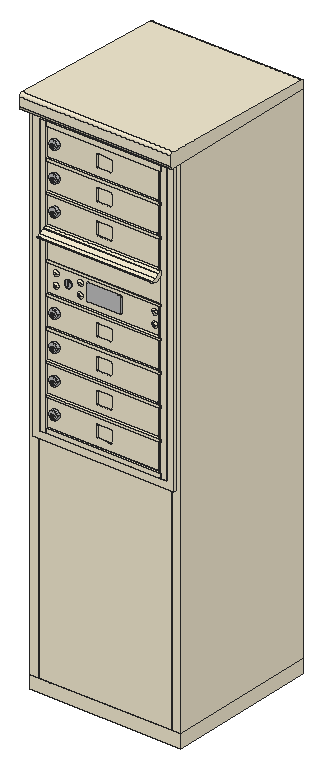
Revit family "Mailboxes_4C-Salsbury_Industries-Free_Standing-9_Door_High_Units", category Specialty Equipment, Revit 2016 (continued)
Definition of nested family "Mailboxes_4C-Salsbury_Industries-Front_Load-9_Door_High_Units"
  Nested families (in)
    nested 18: "3700 Series 4C Door Configurations" at (7.37891, -0.20495, 28) x (-1, 0, 0) z (0, 0, 1), type <- "Door Slot L9", Door Number <- "Door Slot L9 Number", type "Empty"
      with Door Number "0"
  Definition of nested family "3700 Series 4C Door Configurations"
    Parameters (values of type "MB3 Door")
      Weight = "15 lbs."
      Visible Door Number = yes
      URL = ""
      Model = "3700MB3"
      Manufacturer = "Salsbury Industries"
      Lock Material = none
      Inset Offset = 0.000"
      Front Panel Material = none
      Door Width = 13.375"
      Door Visibility-MB1 = yes
      Door Number [instance] = "101"
      Door Lock = yes
      Door Height = 10.23047"
      Door Divider = no
      Door Depth = 0.25391"
      Description = "MB3 Door for 3700 Series 4C Mailboxes"
      Cost = 0
      Center Lock-Vertical = 0.875"
      Center Lock-Horizontal = 1.61523"
    Types (11): name | Weight | Visible Door Number | Model | Inset Offset | Door Visibility-MB1 | Door Lock | Door Height | Door Divider | Description
      MB1 Door w/ Divider | "5 lbs." | yes | "3700MB1" | 0.000" | yes | yes | 3.23047" | yes | "MB1 Door for 3700 Series 4C Mailboxes"
      MB1 Door | "5 lbs." | yes | "3700MB1" | 0.000" | yes | yes | 3.23047" | no | "MB1 Door for 3700 Series 4C Mailboxes"
      MB2 Door | "10 lbs." | yes | "3700MB2" | 0.000" | yes | yes | 6.73047" | no | "MB2 Door for 3700 Series 4C Mailboxes"
      MB2 Door w/ Divider | "10 lbs." | yes | "3700MB2" | 0.000" | yes | yes | 6.73047" | yes | "MB2 Door for 3700 Series 4C Mailboxes"
      MB3 Door | "15 lbs." | yes | "3700MB3" | 0.000" | yes | yes | 10.23047" | no | "MB3 Door for 3700 Series 4C Mailboxes"
      MB3 Door w/ Divider | "15 lbs." | yes | "3700MB3" | 0.000" | yes | yes | 10.23047" | yes | "MB3 Door for 3700 Series 4C Mailboxes"
      MB4 Door | "20 lbs." | yes | "3700MB4" | 0.000" | yes | yes | 13.73047" | no | "MB4 Door for 3700 Series 4C Mailboxes"
      MB4 Door w/ Divider | "20 lbs." | yes | "3700MB4" | 0.000" | yes | yes | 13.73047" | yes | "MB4 Door for 3700 Series 4C Mailboxes"
      Blank Door | "5 lbs." | no | "3700MB1" | 0.18359" | yes | no | 3.23047" | no | "MB1 Door for 3700 Series 4C Mailboxes"
      Blank Door w/ Divider | "5 lbs." | no | "3700MB1" | 0.18402" | yes | no | 3.23047" | yes | "MB1 Door for 3700 Series 4C Mailboxes"
      Empty | "5 lbs." | no | "Empty MB1" | 0.18359" | no | no | 3.23047" | no | "Empty MB1 Door for 3700 Series 4C Mailboxes"
    Reference planes (in)
      plane 1 "Center (Front/Back)": y = 0
      plane 2 "Bottom of Door": z = 0
      plane 3 "Center (Left/Right)": x = 0
      plane 4 "Left Side Face of Door": x = -6.6875
      plane 5 "Right Side Face of Door": x = 6.6875
      plane 6 "Back Face of Door": y = 0.12695
      plane 7 "Front Face of Door": y = -0.12695
      plane 8: z = 10.23047
      plane 9: z = 5.11523
      plane 10 "Face of Divider": y = -0.46995
      plane 11 "Center Lock Vertical": x = -5.8125
      plane 12 "Center Lock Horizontal": z = 1.61523
      plane 13 "Face of Lock": y = -0.42383
      plane 14 "Divider Height Align": z = 10.50047
      plane 15 "Inset Center": x = -0.0975
      plane 16 "Inset Offset": y = -0.12695
      plane 17: z = 5.49038
      plane 18: z = 4.74072
    Forms (in)
      Extrusion 1, solid, material <- "Front Panel Material", visible <- "Door Visibility-MB1"
        sketch origin (0, 0, 0) x (1, 0, 0) y (0, 1, 0)
          loop
            line (-6.4355, 0.12695) -> (-6.6875, -0.05445) -> (-6.6875, -0.12695) -> (6.05625, -0.12695)
            arc (6.05625, -0.12695) -> (6.19558, -0.17661) -> (6.27209, -0.3032) r 0.22029
            arc (6.27209, -0.3032) -> (6.3553, -0.42132) -> (6.4925, -0.46664) r 0.23034
            arc (6.4925, -0.46664) -> (6.63039, -0.40952) -> (6.6875, -0.27164) r 0.195
            line (6.6875, -0.27164) -> (6.6875, 0.12695) -> (-6.4355, 0.12695)
        from 0 to 10.23047
      Blend 2, solid, material <- "Lock Material", visible <- "Door Lock"
        base sketch origin (0, -0.12695, 0) x (-1, 0, 0) y (0, 0, 1)
          loop
            circle (5.8125, 5.11523) r 0.525
        top sketch origin (0, -0.12695, 0) x (-1, 0, 0) y (0, 0, 1)
          loop
            circle (5.8125, 5.11523) r 0.485
        from 0 to -0.29688
      Extrusion 3, solid, material <- "Front Panel Material", visible <- "Door Divider"
        sketch origin (0, 0, 10.50047) x (-1, 0, 0) y (0, -1, 0)
          loop
            line (6.6875, -0.12695) -> (6.6875, 0.46995) -> (-6.6875, 0.46995) -> (-6.6875, -0.12695) -> (6.6875, -0.12695)
        from -0.27 to 0
      Extrusion 4, void, detail levels fine
        sketch origin (0, -0.42383, 0) x (1, 0, 0) y (0, 0, 1)
          loop
            circle (-5.8125, 4.99523) r 0.285
        from 0 to -0.01562
      Extrusion 5, void, detail levels fine
        sketch origin (0, -0.42383, 0) x (1, 0, 0) y (0, 0, 1)
          loop
            line (-5.84183, 5.12353) -> (-5.84183, 4.82353) -> (-5.78183, 4.82353) -> (-5.78183, 5.12353) -> (-5.84183, 5.12353)
        from 0 to -0.03906
      Extrusion 6, void, detail levels fine
        sketch origin (0, -0.12695, 0) x (0, 0, 1) y (-1, 0, 0)
          loop
            arc (5.86523, 0.8475) -> (5.82862, 0.93589) -> (5.74023, 0.9725) r 0.125
            line (5.74023, 0.9725) -> (4.49023, 0.9725)
            arc (4.49023, 0.9725) -> (4.40185, 0.93589) -> (4.36523, 0.8475) r 0.125
            line (4.36523, 0.8475) -> (4.36523, -0.6525)
            arc (4.36523, -0.6525) -> (4.40185, -0.74089) -> (4.49023, -0.7775) r 0.125
            line (4.49023, -0.7775) -> (5.74023, -0.7775)
            arc (5.74023, -0.7775) -> (5.82862, -0.74089) -> (5.86523, -0.6525) r 0.125
            line (5.86523, -0.6525) -> (5.86523, 0.8475)
        from 0 to -0.03906
    Cuts and joins
      Extrusion 4, Extrusion 5 cuts Blend 2
      Extrusion 6 cuts Extrusion 1
    Lines and regions (in)
      symbolic lines
        curve 1: circle (-5.8125, 0, 5.11523) r 0.53054 normal (0, -1, 0)
    Dimensions and locks (in)
      equal spacing: plane 6 "Back Face of Door", plane 1 "Center (Front/Back)", plane 7 "Front Face of Door"
      "Door Depth": plane 6 "Back Face of Door" to plane 7 "Front Face of Door"
      equal spacing: plane 4 "Left Side Face of Door", plane 3 "Center (Left/Right)", plane 5 "Right Side Face of Door"  (x2)
      "Door Width": plane 4 "Left Side Face of Door" to plane 5 "Right Side Face of Door"
      locked: plane 7 "Front Face of Door" to plane 10 "Face of Divider" at 0.343
      "Center Lock-Vertical": plane 4 "Left Side Face of Door" to plane 11 "Center Lock Vertical"
      "Inset Offset": plane 16 "Inset Offset" to plane 7 "Front Face of Door"
      plane 4 "Left Side Face of Door" to plane 5 "Right Side Face of Door" = 13.375"
      plane 6 "Back Face of Door" to plane 10 "Face of Divider" = 0.59691"
      "Door Height": plane 8 to plane 2 "Bottom of Door"
      equal spacing: plane 8, plane 9, plane 2 "Bottom of Door"
      locked: plane 14 "Divider Height Align" to plane 8 at 0.27
      plane 17 to plane 9 to plane 18 = 0.37515" locked, 0.37452" locked
      aligned and locked: level to plane 2 "Bottom of Door"
      aligned and locked: plane 4 "Left Side Face of Door" to Extrusion 1
      aligned and locked: plane 6 "Back Face of Door" to Extrusion 1
      aligned and locked: plane 7 "Front Face of Door" to Extrusion 1
      aligned and locked: plane 8 to Extrusion 1
      aligned and locked: Extrusion 3 sketch curve to plane 4 "Left Side Face of Door"
      aligned and locked: Extrusion 3 sketch curve to plane 6 "Back Face of Door"
      aligned and locked: plane 5 "Right Side Face of Door" to Extrusion 3 sketch curve
      aligned and locked: Extrusion 3 to plane 8
      aligned and locked: plane 10 "Face of Divider" to Extrusion 3 sketch curve
      aligned and locked: plane 14 "Divider Height Align" to Extrusion 3
      aligned and locked: cut or joined group of Extrusion 1, Extrusion 6 to plane 2 "Bottom of Door"
      aligned and locked: plane 18 to text3d elem
    Automatic sketch dimensions
      Extrusion 1 sketch curve to plane 4 "Left Side Face of Door" = 0.000"
      Extrusion 1 sketch curve to plane 6 "Back Face of Door" = 0.000"
      Extrusion 1 sketch curve to plane 7 "Front Face of Door" = 0.000"
      Extrusion 1 sketch curve to plane 5 "Right Side Face of Door" = 0.000"
      Extrusion 1 sketch curve to plane 4 "Left Side Face of Door" = 0.252"
      plane 5 "Right Side Face of Door" to Extrusion 1 sketch curve = 0.63125"
      Extrusion 1 sketch curve to plane 7 "Front Face of Door" = 0.10935"
      plane 5 "Right Side Face of Door" to Extrusion 1 sketch curve = 0.195"
      Extrusion 1 sketch curve to plane 7 "Front Face of Door" = 0.14468"
      plane 10 "Face of Divider" to Extrusion 1 sketch curve = 0.12271"
      plane 1 "Center (Front/Back)" to Extrusion 1 sketch curve = 0.05445"
      plane 10 "Face of Divider" to Extrusion 1 sketch curve = 0.16676"
      Blend 2 sketch curve to plane 9 = 0.000"  (x2)
      plane 11 "Center Lock Vertical" to Blend 2 sketch curve = 0.000"  (x2)
      plane 11 "Center Lock Vertical" to Extrusion 4 sketch curve = 0.000"
      Extrusion 4 sketch curve to plane 9 = 0.120"
      Extrusion 4 sketch curve to Extrusion 4 sketch curve = 0.285"
      plane 11 "Center Lock Vertical" to Extrusion 5 sketch curve = 0.02933"
      Extrusion 5 sketch curve to plane 11 "Center Lock Vertical" = 0.03067"
      Extrusion 5 sketch curve to plane 9 = 0.2917"
      plane 9 to Extrusion 5 sketch curve = 0.0083"
      Extrusion 6 sketch curve to plane 9 = 0.750"
      Extrusion 6 sketch curve to Extrusion 6 sketch curve = 0.125"  (x3)
      plane 9 to Extrusion 6 sketch curve = 0.625"  (x2)
      plane 3 "Center (Left/Right)" to Extrusion 6 sketch curve = 0.7775"
      plane 15 "Inset Center" to Extrusion 6 sketch curve = 0.750"
      curve 1 to plane 9 = 0.000"
      plane 11 "Center Lock Vertical" to curve 1 = 0.000"
      radius of Blend 2 sketch curve = 0.525"
      radius of Blend 2 sketch curve = 0.485"
      radius of curve 1 = 0.53054"
  Definition of nested family "3700 Series 4C OM2 Configuration"
    Parameters (values of type "OM2-FL")
      Weight = ""
      URL = ""
      Access Lock Offset = 0.000"
      Access Lock = yes
      Model = "3700OM2-FL"
      Manufacturer = "Salsbury Industries"
      Lock Material = none
      Front Panel Material = none
      Door Width = 13.375"
      Door Number [instance] = "101"
      Door Height = 7.00047"
      Door Depth = 0.25391"
      Description = "OM2 Door for 3700 Series 4C Mailboxes-Front Loading"
      Cost = 0
      Center Lock-Vertical = 2.360"
      Center Lock-Horizontal = 1.61523"
    Types (3): name | Access Lock Offset | Access Lock | Model | Description
      (no name) | 0.000" | yes | "3700OM2-FL" | "OM2 Door for 3700 Series 4C Mailboxes-Front Loading"
      OM2-FL | 0.000" | yes | "3700OM2-FL" | "OM2 Door for 3700 Series 4C Mailboxes-Front Loading"
      OM2-RL | 0.3125" | no | "3700OM2-RL" | "OM2 Door for 3700 Series 4C Mailboxes-Rear Loading"
    Reference planes (in)
      plane 1 "Center (Front/Back)": y = 0
      plane 2 "Bottom of Door": z = 0
      plane 3 "Center (Left/Right)": x = 0
      plane 4 "Left Side Face of Door": x = -6.6875
      plane 5 "Right Side Face of Door": x = 6.6875
      plane 6 "Back Face of Door": y = 0.12695
      plane 7 "Front Face of Door": y = -0.12695
      plane 8: z = 3.23047
      plane 9: z = 1.61523
      plane 10: y = -0.46995
      plane 11 "Center Lock Vertical": x = -4.3275
      plane 12 "Center Lock Horizontal": z = 1.61523
      plane 13 "Face of Lock": y = -0.42383
      plane 14 "Divider Height Align": z = 3.50047
      plane 15 "Plate Center": x = -0.16063
      plane 16 "Left Stud Align": x = -5.7025
      plane 17 "Right Stud Align": x = -2.8895
      plane 18 "Top Stud Align": z = 2.27147
      plane 19 "Bottom Stud Align": z = 0.95947
      plane 20 "Hinge Stud Align": x = 5.6875
      plane 21 "Mail Plate Top": z = 2.61547
      plane 22 "Mail Plate Bottom": z = 0.61547
      plane 23: x = -2.1595
      plane 24: x = 1.8405
      plane 25 "Face of Mail Plate": y = -0.16602
      plane 26 "Top of Mail Drop Door": z = 6.73094
      plane 27 "Top of Mail Drop Divider": z = 7.00047
      plane 28 "Face of Mail Drop": y = -0.31995
      plane 29 "Top of Mail Slot": z = 6.42087
      plane 30 "Bottom of Mail Slot": z = 5.67087
      plane 31 "Left Edge of Mail Slot": x = -5.3755
      plane 32 "Right Edge of Mail Slot": x = 5.3755
      plane 33 "Mail Slot Bottom Protusion": z = 6.50987
      plane 34: y = -0.49395
      plane 35: z = 6.15637
      plane 36 "Front of Awning": y = -1.63495
      plane 37: y = -1.15685
      plane 38 "Mail Slot Slope": through (-240, -0.44582, 6.9722) normal (0, -0.5, 0.866)
      plane 39 "Access Lock Offset": y = 0.12695
    Forms (in)
      Extrusion 1, solid, material <- "Front Panel Material"
        sketch origin (0, 0, 0) x (1, 0, 0) y (0, 1, 0)
          loop
            line (-6.4355, 0.12695) -> (-6.6875, -0.05445) -> (-6.6875, -0.12695) -> (6.05625, -0.12695)
            arc (6.05625, -0.12695) -> (6.19558, -0.17661) -> (6.27209, -0.3032) r 0.22029
            arc (6.27209, -0.3032) -> (6.3553, -0.42132) -> (6.4925, -0.46664) r 0.23034
            arc (6.4925, -0.46664) -> (6.63039, -0.40952) -> (6.6875, -0.27164) r 0.195
            line (6.6875, -0.27164) -> (6.6875, 0.12695) -> (-6.4355, 0.12695)
        from 0 to 3.23047
      Extrusion 2, solid, material <- "Front Panel Material"
        sketch origin (0, 0, 3.50047) x (-1, 0, 0) y (0, -1, 0)
          loop
            line (6.6875, -0.12695) -> (6.6875, 0.46995) -> (-6.6875, 0.46995) -> (-6.6875, -0.12695) -> (6.6875, -0.12695)
        from -0.27 to 0
      Extrusion 3, void
        sketch origin (0, 0.12695, 0) x (0, 0, -1) y (-1, 0, 0)
          loop
            circle (-1.61523, 4.3275) r 0.4375
        from 0 to -0.25391
      Extrusion 4, solid, material <- "Lock Material", visible <- "Access Lock"
        sketch origin (0, 0.12695, 0) x (0, 0, -1) y (-1, 0, 0)
          loop
            circle (-1.61523, 4.3275) r 0.42913
        from 0 to -0.25391
      Extrusion 5, void, detail levels fine
        sketch origin (0, 0.12695, 3.4) x (-1, 0, 0) y (0, 0, 1)
          loop
            line (4.3568, -1.47517) -> (4.2982, -1.47517) -> (4.2982, -2.09436) -> (4.3568, -2.09436) -> (4.3568, -1.47517)
        from -0.12695 to -0.25391
      Blend 6, solid, material <- "Front Panel Material", detail levels medium+fine
        base sketch origin (0, -0.12695, 2.68123) x (-1, 0, 0) y (0, 0, 1)
          loop
            circle (5.7025, -0.40977) r 0.15665
        top sketch origin (0, -0.12695, 2.68123) x (-1, 0, 0) y (0, 0, 1)
          loop
            circle (5.7025, -0.40977) r 0.3125
        from -0.11328 to 0
      Blend 7, solid, material <- "Front Panel Material", detail levels medium+fine
        base sketch origin (1.3125, -0.12695, 2.68123) x (-1, 0, 0) y (0, 0, 1)
          loop
            circle (4.202, -0.40977) r 0.15665
        top sketch origin (1.3125, -0.12695, 2.68123) x (-1, 0, 0) y (0, 0, 1)
          loop
            circle (4.202, -0.40977) r 0.3125
        from -0.11328 to 0
      Blend 8, solid, material <- "Front Panel Material", detail levels medium+fine
        base sketch origin (0, -0.12695, 1.36923) x (-1, 0, 0) y (0, 0, 1)
          loop
            circle (5.7025, -0.40977) r 0.15665
        top sketch origin (0, -0.12695, 1.36923) x (-1, 0, 0) y (0, 0, 1)
          loop
            circle (5.7025, -0.40977) r 0.3125
        from -0.11328 to 0
      Blend 9, solid, material <- "Front Panel Material", detail levels medium+fine
        base sketch origin (1.3125, -0.12695, 1.36923) x (-1, 0, 0) y (0, 0, 1)
          loop
            circle (4.202, -0.40977) r 0.15665
        top sketch origin (1.3125, -0.12695, 1.36923) x (-1, 0, 0) y (0, 0, 1)
          loop
            circle (4.202, -0.40977) r 0.3125
        from -0.11328 to 0
      Blend 10, solid, material <- "Front Panel Material", detail levels medium+fine
        base sketch origin (9.8895, -0.12695, 2.68123) x (-1, 0, 0) y (0, 0, 1)
          loop
            circle (4.202, -0.40977) r 0.15665
        top sketch origin (9.8895, -0.12695, 2.68123) x (-1, 0, 0) y (0, 0, 1)
          loop
            circle (4.202, -0.40977) r 0.3125
        from -0.11328 to 0
      Blend 11, solid, material <- "Front Panel Material", detail levels medium+fine
        base sketch origin (9.8895, -0.12695, 1.36923) x (-1, 0, 0) y (0, 0, 1)
          loop
            circle (4.202, -0.40977) r 0.15665
        top sketch origin (9.8895, -0.12695, 1.36923) x (-1, 0, 0) y (0, 0, 1)
          loop
            circle (4.202, -0.40977) r 0.3125
        from -0.11328 to 0
      Extrusion 12, solid, material <- "Lock Material"
        sketch origin (0, -0.12695, 0) x (-1, 0, 0) y (0, 0, 1)
          loop
            line (1.96028, 2.61547) -> (-1.64128, 2.61547)
            arc (-1.64128, 2.61547) -> (-1.78215, 2.55712) -> (-1.8405, 2.41625) r 0.19922
            line (-1.8405, 2.41625) -> (-1.8405, 0.81469)
            arc (-1.8405, 0.81469) -> (-1.78215, 0.67382) -> (-1.64128, 0.61547) r 0.19922
            line (-1.64128, 0.61547) -> (1.96028, 0.61547)
            arc (1.96028, 0.61547) -> (2.10115, 0.67382) -> (2.1595, 0.81469) r 0.19922
            line (2.1595, 0.81469) -> (2.1595, 2.41625)
            arc (2.1595, 2.41625) -> (2.10115, 2.55712) -> (1.96028, 2.61547) r 0.19922
        from 0 to -0.03906
      Extrusion 13, solid, material <- "Front Panel Material"
        sketch origin (-2.13946, 0, 3.50047) x (-1, 0, 0) y (0, -1, 0)
          loop
            line (4.54804, -0.12695) -> (4.54804, 0.31995) -> (-8.82696, 0.31995) -> (-8.82696, -0.12695) -> (4.54804, -0.12695)
        from 0 to 3.0094
      Extrusion 14, void
        sketch origin (0, -0.31995, 0) x (0, 0, -1) y (-1, 0, 0)
          loop
            arc (-5.67087, 5.0005) -> (-6.04587, 5.3755) -> (-6.42087, 5.0005) r 0.375
            line (-6.42087, 5.0005) -> (-6.42087, -5.0005)
            arc (-6.42087, -5.0005) -> (-6.04587, -5.3755) -> (-5.67087, -5.0005) r 0.375
            line (-5.67087, -5.0005) -> (-5.67087, 5.0005)
        from 0 to 0.44691
      Extrusion 15, solid, material <- "Front Panel Material"
        sketch origin (0, 0, 0) x (0, 1, 0) y (0, 0, 1)
          loop
            line (0.12695, 6.50987) -> (0.12695, 7.00047) -> (-0.46995, 7.00047) -> (-0.75605, 6.83078) -> (-0.73973, 6.80251) -> (-1.27431, 6.49388) -> (-1.29063, 6.52214) -> (-1.61027, 6.3376)
            arc (-1.61027, 6.3376) -> (-1.63087, 6.31111) -> (-1.62714, 6.27777) r 0.04454
            line (-1.62714, 6.27777) -> (-1.5282, 6.17883)
            arc (-1.5282, 6.17883) -> (-1.4937, 6.16211) -> (-1.4558, 6.15637) r 0.12791
            line (-1.4558, 6.15637) -> (-1.10623, 6.15637) -> (-0.49395, 6.50987) -> (0.12695, 6.50987)
        from -6.6875 to 6.6875
    Cuts and joins
      Extrusion 3 cuts Extrusion 1
      Extrusion 5 cuts Extrusion 4
      Extrusion 14 cuts Extrusion 13
    Lines and regions (in)
      symbolic lines
        curve 1: circle (-5.7025, -0.12695, 2.27147) r 0.3125 normal (0, 1, 0)
        curve 2: circle (-5.7025, -0.12695, 0.95947) r 0.3125 normal (0, 1, 0)
        curve 3: circle (-2.8895, -0.12695, 0.95947) r 0.3125 normal (0, 1, 0)
        curve 4: circle (-2.8895, -0.12695, 2.27147) r 0.3125 normal (0, 1, 0)
        curve 5: circle (-4.3275, -0.12695, 1.61523) r 0.42913 normal (0, 1, 0)
        curve 6: circle (5.6875, -0.12695, 0.95947) r 0.3125 normal (0, 1, 0)
        curve 7: circle (5.6875, -0.12695, 2.27147) r 0.3125 normal (0, 1, 0)
        curve 8: arc (-2.1595, -0.12695, 2.41625) -> (-2.10115, -0.12695, 2.55712) -> (-1.96028, -0.12695, 2.61547) r 0.19922
        curve 9: arc (1.8405, -0.12695, 2.41625) -> (1.78215, -0.12695, 2.55712) -> (1.64128, -0.12695, 2.61547) r 0.19922
        curve 10: arc (1.8405, -0.12695, 0.81469) -> (1.78215, -0.12695, 0.67382) -> (1.64128, -0.12695, 0.61547) r 0.19922
        curve 11: arc (-1.96028, -0.12695, 0.61547) -> (-2.10115, -0.12695, 0.67382) -> (-2.1595, -0.12695, 0.81469) r 0.19922
        curve 12: line (-2.1595, -0.12695, 0.81469) -> (-2.1595, -0.12695, 2.41625)
        curve 13: line (-1.96028, -0.12695, 2.61547) -> (1.64128, -0.12695, 2.61547)
        curve 14: line (1.8405, -0.12695, 2.41625) -> (1.8405, -0.12695, 0.81469)
        curve 15: line (1.64128, -0.12695, 0.61547) -> (-1.96028, -0.12695, 0.61547)
    Dimensions and locks (in)
      equal spacing: plane 6 "Back Face of Door", plane 1 "Center (Front/Back)", plane 7 "Front Face of Door"
      "Door Depth": plane 6 "Back Face of Door" to plane 7 "Front Face of Door"
      equal spacing: plane 4 "Left Side Face of Door", plane 3 "Center (Left/Right)", plane 5 "Right Side Face of Door"
      "Door Width": plane 4 "Left Side Face of Door" to plane 5 "Right Side Face of Door"
      plane 8 to level = 3.23047"
      equal spacing: plane 8, plane 9, level
      locked: plane 7 "Front Face of Door" to plane 10 at 0.343
      "Center Lock-Vertical": plane 4 "Left Side Face of Door" to plane 11 "Center Lock Vertical"
      "Center Lock-Horizontal": plane 8 to plane 12 "Center Lock Horizontal"
      locked: plane 14 "Divider Height Align" to plane 8 at 0.27
      plane 4 "Left Side Face of Door" to plane 16 "Left Stud Align" to plane 17 "Right Stud Align" = 0.985", 2.813"
      plane 8 to plane 18 "Top Stud Align" to plane 19 "Bottom Stud Align" = 0.959", 1.312"
      plane 20 "Hinge Stud Align" to plane 5 "Right Side Face of Door" = 1.000"
      plane 8 to plane 21 "Mail Plate Top" to plane 22 "Mail Plate Bottom" = 0.615", 2.000"
      plane 4 "Left Side Face of Door" to plane 23 to plane 24 = 4.528", 4.000"
      plane 27 "Top of Mail Drop Divider" to plane 26 "Top of Mail Drop Door" to plane 14 "Divider Height Align" = 0.26953" locked, 3.23047"
      "Door Height": plane 27 "Top of Mail Drop Divider" to level
      plane 28 "Face of Mail Drop" to plane 10 = 0.150"
      locked: plane 27 "Top of Mail Drop Divider" to plane 29 "Top of Mail Slot" at 0.5796
      locked: plane 29 "Top of Mail Slot" to plane 30 "Bottom of Mail Slot" at 0.75
      locked: plane 4 "Left Side Face of Door" to plane 31 "Left Edge of Mail Slot" at 1.312
      locked: plane 32 "Right Edge of Mail Slot" to plane 5 "Right Side Face of Door" at 1.312
      locked: plane 33 "Mail Slot Bottom Protusion" to plane 29 "Top of Mail Slot" at 0.089
      plane 28 "Face of Mail Drop" to plane 34 = 0.174"
      plane 33 "Mail Slot Bottom Protusion" to plane 35 = 0.3535"
      plane 28 "Face of Mail Drop" to plane 36 "Front of Awning" = 1.315"
      plane 4 "Left Side Face of Door" to plane 5 "Right Side Face of Door" = 13.375"
      plane 6 "Back Face of Door" to plane 36 "Front of Awning" = 1.76191"
      "Access Lock Offset": plane 39 "Access Lock Offset" to plane 6 "Back Face of Door"
      aligned and locked: level to plane 2 "Bottom of Door"
      aligned and locked: plane 4 "Left Side Face of Door" to Extrusion 1
      aligned and locked: plane 6 "Back Face of Door" to Extrusion 1
      aligned and locked: plane 7 "Front Face of Door" to Extrusion 1
      aligned and locked: Extrusion 1 to level
      aligned and locked: plane 8 to Extrusion 1
      aligned and locked: Extrusion 2 sketch curve to plane 4 "Left Side Face of Door"
      aligned and locked: Extrusion 2 sketch curve to plane 6 "Back Face of Door"
      aligned and locked: plane 5 "Right Side Face of Door" to Extrusion 2 sketch curve
      aligned and locked: Extrusion 2 to plane 8
      aligned and locked: plane 10 to Extrusion 2 sketch curve
      aligned and locked: plane 14 "Divider Height Align" to Extrusion 2
      aligned and locked: plane 4 "Left Side Face of Door" to Extrusion 2
      aligned and locked: Extrusion 2 to plane 5 "Right Side Face of Door"
      aligned and locked: Extrusion 13 to plane 28 "Face of Mail Drop"
      aligned and locked: plane 29 "Top of Mail Slot" to Extrusion 14 sketch curve
      aligned and locked: cut or joined group of Extrusion 13, Extrusion 14 to cut or joined group of Extrusion 13, Extrusion 14
      aligned and locked: cut or joined group of Extrusion 1, Extrusion 3 to plane 2 "Bottom of Door"
    Automatic sketch dimensions
      Extrusion 1 sketch curve to plane 4 "Left Side Face of Door" = 0.000"
      Extrusion 1 sketch curve to plane 6 "Back Face of Door" = 0.000"
      Extrusion 1 sketch curve to plane 7 "Front Face of Door" = 0.000"
      Extrusion 1 sketch curve to plane 5 "Right Side Face of Door" = 0.000"
      Extrusion 1 sketch curve to plane 4 "Left Side Face of Door" = 0.252"
      Extrusion 1 sketch curve to plane 20 "Hinge Stud Align" = 0.36875"
      Extrusion 1 sketch curve to plane 25 "Face of Mail Plate" = 0.07029"
      plane 5 "Right Side Face of Door" to Extrusion 1 sketch curve = 0.195"
      Extrusion 1 sketch curve to plane 25 "Face of Mail Plate" = 0.10562"
      Extrusion 1 sketch curve to plane 13 "Face of Lock" = 0.07658"
      plane 1 "Center (Front/Back)" to Extrusion 1 sketch curve = 0.05445"
      Extrusion 1 sketch curve to plane 13 "Face of Lock" = 0.12063"
      Extrusion 5 sketch curve to plane 11 "Center Lock Vertical" = 0.0293"
      plane 11 "Center Lock Vertical" to Extrusion 5 sketch curve = 0.0293"
      Extrusion 5 sketch curve to plane 9 = 0.30959"
      plane 9 to Extrusion 5 sketch curve = 0.30959"
      plane 16 "Left Stud Align" to Blend 6 sketch curve = 0.000"  (x2)
      Blend 6 sketch curve to plane 18 "Top Stud Align" = 0.000"  (x2)
      plane 17 "Right Stud Align" to Blend 7 sketch curve = 0.000"  (x2)
      Blend 7 sketch curve to plane 18 "Top Stud Align" = 0.000"  (x2)
      plane 16 "Left Stud Align" to Blend 8 sketch curve = 0.000"  (x2)
      Blend 8 sketch curve to plane 19 "Bottom Stud Align" = 0.000"  (x2)
      plane 17 "Right Stud Align" to Blend 9 sketch curve = 0.000"  (x2)
      Blend 9 sketch curve to plane 19 "Bottom Stud Align" = 0.000"  (x2)
      Blend 10 sketch curve to plane 18 "Top Stud Align" = 0.000"  (x2)
      plane 20 "Hinge Stud Align" to Blend 10 sketch curve = 0.000"  (x2)
      Blend 11 sketch curve to plane 19 "Bottom Stud Align" = 0.000"  (x2)
      plane 20 "Hinge Stud Align" to Blend 11 sketch curve = 0.000"  (x2)
      plane 24 to Extrusion 12 sketch curve = 0.000"
      Extrusion 12 sketch curve to plane 22 "Mail Plate Bottom" = 0.000"
      Extrusion 12 sketch curve to plane 21 "Mail Plate Top" = 0.000"
      plane 23 to Extrusion 12 sketch curve = 0.000"
      plane 24 to Extrusion 12 sketch curve = 0.19922"  (x2)
      plane 18 "Top Stud Align" to Extrusion 12 sketch curve = 0.14478"
      Extrusion 12 sketch curve to plane 23 = 0.19922"
      Extrusion 13 sketch curve to plane 5 "Right Side Face of Door" = 0.000"
      Extrusion 13 sketch curve to plane 4 "Left Side Face of Door" = 0.000"
      Extrusion 13 sketch curve to plane 6 "Back Face of Door" = 0.000"
      Extrusion 13 sketch curve to plane 7 "Front Face of Door" = 0.193"
      Extrusion 14 sketch curve to plane 30 "Bottom of Mail Slot" = 0.000"
      plane 32 "Right Edge of Mail Slot" to Extrusion 14 sketch curve = 0.375"
      Extrusion 14 sketch curve to plane 31 "Left Edge of Mail Slot" = 0.375"
      Extrusion 15 sketch curve to plane 35 = 0.000"
      Extrusion 15 sketch curve to plane 33 "Mail Slot Bottom Protusion" = 0.000"
      Extrusion 15 sketch curve to plane 34 = 0.000"
      Extrusion 15 sketch curve to plane 27 "Top of Mail Drop Divider" = 0.000"
      Extrusion 15 sketch curve to plane 6 "Back Face of Door" = 0.000"
      plane 26 "Top of Mail Drop Door" to Extrusion 15 sketch curve = 0.07158"
      Extrusion 15 sketch curve to plane 34 = 0.24578"
      plane 26 "Top of Mail Drop Door" to Extrusion 15 sketch curve = 0.09984"
      Extrusion 15 sketch curve to Extrusion 15 sketch curve = 0.01632"
      plane 37 to Extrusion 15 sketch curve = 0.05062"
      Extrusion 15 sketch curve to plane 33 "Mail Slot Bottom Protusion" = 0.01599"
      plane 33 "Mail Slot Bottom Protusion" to Extrusion 15 sketch curve = 0.01227"
      plane 36 "Front of Awning" to Extrusion 15 sketch curve = 0.17915"
      plane 35 to Extrusion 15 sketch curve = 0.02246"
      Extrusion 15 sketch curve to Extrusion 15 sketch curve = 0.0724"
      plane 36 "Front of Awning" to Extrusion 15 sketch curve = 0.04696"
      plane 36 "Front of Awning" to Extrusion 15 sketch curve = 0.02469"
      plane 36 "Front of Awning" to Extrusion 15 sketch curve = 0.00781"
      Extrusion 15 sketch curve to Extrusion 15 sketch curve = 0.05983"
      Extrusion 4 sketch curve to plane 9 = 0.000"
      plane 11 "Center Lock Vertical" to Extrusion 4 sketch curve = 0.000"
      Extrusion 3 sketch curve to plane 9 = 0.000"
      plane 11 "Center Lock Vertical" to Extrusion 3 sketch curve = 0.000"
      curve 6 to plane 19 "Bottom Stud Align" = 0.000"
      plane 20 "Hinge Stud Align" to curve 6 = 0.000"
      curve 7 to plane 18 "Top Stud Align" = 0.000"
      plane 20 "Hinge Stud Align" to curve 7 = 0.000"
      plane 24 to curve 14 = 0.000"
      curve 9 to plane 21 "Mail Plate Top" = 0.000"
      curve 11 to plane 22 "Mail Plate Bottom" = 0.000"
      plane 23 to curve 12 = 0.000"
      plane 17 "Right Stud Align" to curve 4 = 0.000"
      plane 17 "Right Stud Align" to curve 3 = 0.000"
      curve 5 to plane 9 = 0.000"
      plane 11 "Center Lock Vertical" to curve 5 = 0.000"
      plane 16 "Left Stud Align" to curve 1 = 0.000"
      plane 16 "Left Stud Align" to curve 2 = 0.000"
      curve 2 to plane 19 "Bottom Stud Align" = 0.000"
      curve 3 to plane 19 "Bottom Stud Align" = 0.000"
      curve 1 to plane 18 "Top Stud Align" = 0.000"
      curve 4 to plane 18 "Top Stud Align" = 0.000"
      plane 18 "Top Stud Align" to curve 9 = 0.14478"
      curve 10 to plane 19 "Bottom Stud Align" = 0.14478"
      plane 18 "Top Stud Align" to curve 8 = 0.14478"
      curve 11 to plane 19 "Bottom Stud Align" = 0.14478"
      radius of Blend 6 sketch curve = 0.15665"
      radius of Blend 6 sketch curve = 0.3125"
      radius of Blend 7 sketch curve = 0.15665"
      radius of Blend 7 sketch curve = 0.3125"
      radius of Blend 8 sketch curve = 0.15665"
      radius of Blend 8 sketch curve = 0.3125"
      radius of Blend 9 sketch curve = 0.15665"
      radius of Blend 9 sketch curve = 0.3125"
      radius of Blend 10 sketch curve = 0.15665"
      radius of Blend 10 sketch curve = 0.3125"
      radius of Blend 11 sketch curve = 0.15665"
      radius of Blend 11 sketch curve = 0.3125"
      radius of Extrusion 4 sketch curve = 0.42913"
      radius of Extrusion 3 sketch curve = 0.4375"
      radius of curve 1 = 0.3125"
      radius of curve 2 = 0.3125"
      radius of curve 3 = 0.3125"
      radius of curve 4 = 0.3125"
      radius of curve 5 = 0.42913"
      radius of curve 6 = 0.3125"
      radius of curve 7 = 0.3125"
Types (13): name | Width | Model | Door Slot R9 Number | Door Slot R8 Number | Door Slot R7 Number | Door Slot R6 Number | Door Slot R4 Number | Door Slot R3 Number | Door Slot R2 Number | Door Slot R1 Number | Door Slot L9 Number | Door Slot L8 Number | Door Slot L7 Number | Door Slot L6 Number | Door Slot L5 Number | Door Slot L4 Number | Door Slot L3 Number | Door Slot L2 Number | Door Slot L1 Number | Description | 4C Unit
  3909S-07 | 17.496" | "3909S-07" | "7" | "6" | "5" | "4" | "0" | "3" | "2" | "1" | "0" | "0" | "0" | "0" | "0" | "0" | "0" | "0" | "0" | "9 Door High Unit:  7 MB1, OM2" | Mailboxes_4C-Salsbury_Industries-Front_Load-9_Door_High_Units : 3709S-07 FL
  3909D-16 | 32.250" | "3909D-16" | "16" | "15" | "14" | "13" | "0" | "12" | "11" | "10" | "9" | "8" | "7" | "6" | "5" | "4" | "3" | "2" | "1" | "9 Door High Unit:  16 MB1, OM2" | Mailboxes_4C-Salsbury_Industries-Front_Load-9_Door_High_Units : 3709D-16 FL
  3909D-15 | 32.250" | "3909D-15" | "15" | "14" | "13" | "0" | "0" | "12" | "11" | "10" | "9" | "8" | "7" | "6" | "5" | "4" | "3" | "2" | "1" | "9 Door High Unit:  15 MB1, OM3" | Mailboxes_4C-Salsbury_Industries-Front_Load-9_Door_High_Units : 3709D-15 FL
  3909D-10 | 32.250" | "3909D-10" | "10" | "9" | "8" | "7" | "0" | "6" | "5" | "4" | "1P" | "0" | "0" | "0" | "0" | "4" | "3" | "2" | "1" | "9 Door High Unit:  10 MB1, 1 PL6, OM2" | Mailboxes_4C-Salsbury_Industries-Front_Load-9_Door_High_Units : 3709D-10 FL
  3909D-06 | 32.250" | "3909D-06" | "6" | "0" | "0" | "5" | "0" | "4" | "0" | "0" | "3" | "0" | "0" | "2" | "0" | "0" | "1" | "0" | "0" | "9 Door High Unit:  1 MB1, 5 MB3, OM2" | Mailboxes_4C-Salsbury_Industries-Front_Load-9_Door_High_Units : 3709D-06 FL
  3909D-05 | 32.250" | "3909D-05" | "5" | "0" | "0" | "0" | "0" | "4" | "0" | "0" | "3" | "0" | "0" | "2" | "0" | "0" | "1" | "0" | "0" | "9 Door High Unit:  5 MB3, OM3" | Mailboxes_4C-Salsbury_Industries-Front_Load-9_Door_High_Units : 3709D-05 FL
  3909D-04 | 32.250" | "3909D-04" | "4" | "0" | "0" | "3" | "0" | "2" | "0" | "0" | "1P" | "0" | "0" | "0" | "0" | "0" | "1" | "0" | "0" | "9 Door High Unit:  1 MB1, 3 MB3, 1 PL6, OM2" | Mailboxes_4C-Salsbury_Industries-Front_Load-9_Door_High_Units : 3709D-04 FL
  3909D-03 | 32.250" | "3909D-03" | "3" | "0" | "0" | "0" | "0" | "2" | "0" | "0" | "1P" | "0" | "0" | "0" | "0" | "0" | "1" | "0" | "0" | "9 Door High Unit:  3 MB3, 1 PL6, OM3" | Mailboxes_4C-Salsbury_Industries-Front_Load-9_Door_High_Units : 3709D-03 FL
  3909D-4P | 32.250" | "3909D-4P" | "4P" | "0" | "0" | "0" | "3P" | "0" | "0" | "0" | "2P" | "0" | "0" | "0" | "0" | "1P" | "0" | "0" | "0" | "9 Door High Unit:  2 PL4, 2 PL5" | Mailboxes_4C-Salsbury_Industries-Front_Load-9_Door_High_Units : 3709D-4P FL
  3909S-02 | 17.496" | "3909S-02" | "1P" | "0" | "0" | "0" | "0" | "0" | "2" | "1" | "0" | "0" | "0" | "0" | "0" | "0" | "0" | "0" | "0" | "9 Door High Unit:  2 MB1, 1 PL5, OM2" | Mailboxes_4C-Salsbury_Industries-Front_Load-9_Door_High_Units : 3709S-02 FL
  3909S-2P | 17.496" | "3909S-2P" | "2P" | "0" | "0" | "0" | "1P" | "0" | "0" | "0" | "0" | "0" | "0" | "0" | "0" | "0" | "0" | "0" | "0" | "9 Door High Unit:  1 PL4, 1 PL5" | Mailboxes_4C-Salsbury_Industries-Front_Load-9_Door_High_Units : 3709S-2P FL
  3909S-1B | 17.496" | "3909S-1B" | "0" | "0" | "0" | "0" | "0" | "0" | "0" | "0" | "0" | "0" | "0" | "0" | "0" | "0" | "0" | "0" | "0" | "9 Door High Unit:  1 Receptacle Bin" | Mailboxes_4C-Salsbury_Industries-Front_Load-9_Door_High_Units : 3709S-1B FL
  3909S-1C | 17.496" | "3909S-1C" | "0" | "0" | "0" | "0" | "0" | "0" | "0" | "0" | "0" | "0" | "0" | "0" | "0" | "0" | "0" | "0" | "0" | "9 Door High Unit:  1 Collection Box" | Mailboxes_4C-Salsbury_Industries-Front_Load-9_Door_High_Units : 3709S-1C FL
